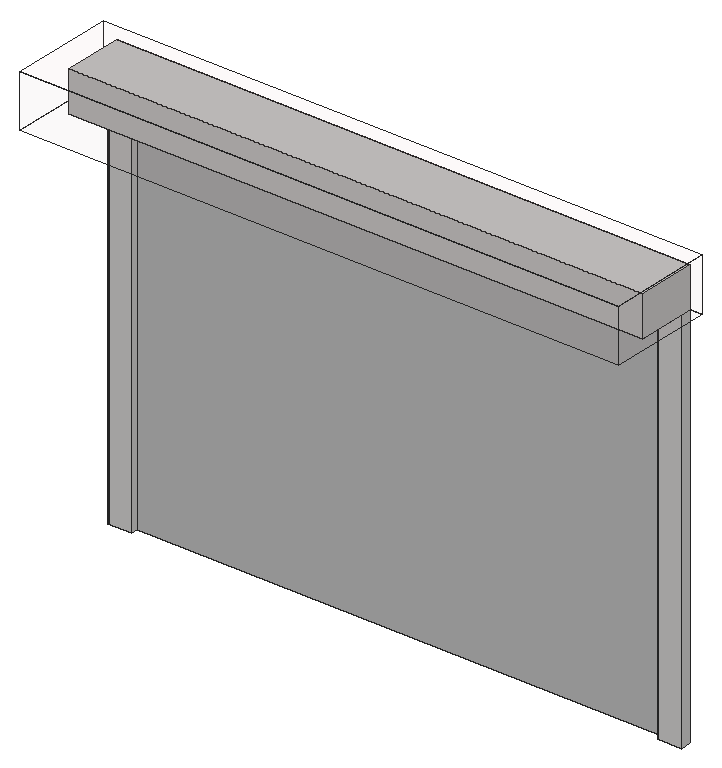
Revit family "HB_Firescreen_Temperature_T", category Doors, host Wall, Revit 2019
Family settings
  Host = Wall
  OmniClass Number = 23.30.10.21.11.11
  OmniClass Title = Rolling Fire Doors
  Always vertical = Yes
  Cut with Voids When Loaded = No
  Shared = No
  Room Calculation Point = No
Parameters (values of type "HB_Firescreen_Temperature_T2_60min")
  Warning_sign = not(Product_dimension_daylight_is_valid)  # no
  Wall_thickness [instance] = 150 mm
  Thickness = Headbox_width  # 455 mm
  SmokeStop = yes
  Side_guide_rail_width = 183 mm + 30 mm  # 213 mm
  Side_guide_rail_depth = 80 mm  # constant formula
  Show_installation_space [instance] = yes
  SelfClosing = yes
  Screen_material = HB_double-walled technical textile, filled with intumescent material Provided
with a silicone-based, smoke-proof grey coating
  Rough Width = Width  # 4000 mm
  Rough Height = Height  # 3000 mm
  Product_dimension_daylight_is_valid = and(not(Clear_height > Clear_height_maximum), and(not(Clear_width > Clear_width_maximum), and(not(Clear_height < Clear_height_minimum), not(Clear_width < Clear_width_minimum))))  # yes
  Product_datasheet_URL = "https://www.hoefnagels.com/media/tixd5vh4/firescreen_temperature_ts_nl-pfst_ts20100841_nl.pdf"
  Position_guide_rail_depth_calc [instance] = if(Firescreen_in_wall_opening, Firescreen_placement, Wall_thickness)  # 150 mm
  Position_guide_rail_calc [instance] = if(Firescreen_in_wall_opening, Side_guide_rail_width, 0 mm)  # 0 mm
  Operation = "ROLLINGUP"  # constant formula
  Model = "Fire-resistant roller curtain, Firescreen ® T2 - EI₁60/EI₂60"
  Manufacturer = "Hoefnagels Fire Safety"  # constant formula
  LoadBearing = no
  IsExternal = no
  Installation_space_length = 350 mm  # constant formula
  Installation_space_height = 100 mm  # constant formula
  IfcExportType = ""
  IfcExportAs = ""
  IfcDoorTypeOperationEnum = Operation  # "ROLLINGUP"
  Headbox_width_calc = if(and(Width > 4000 mm, Height > 2750 mm), 560 mm, if(Height > 3500 mm, 560 mm, 455 mm))  # 455 mm
  Headbox_width = Headbox_width_calc  # 455 mm
  Headbox_start_height [instance] = if(Firescreen_head_in_wall_opening, Height - Headbox_height, Height)  # 3000 mm
  Headbox_material = HB_Sendzimir galvanised sheet steel
  Headbox_height_calc = if(and(Width > 4000 mm, Height > 2750 mm), 360 mm, if(Height > 3500 mm, 360 mm, 310 mm))  # 310 mm
  Headbox_height = Headbox_height_calc  # 310 mm
  HandicapAccessible = yes
  Guid_rail_material = HB_Sendzimir galvanised sheet steel
  Function = Interior
  Height = if(Clear_width < Clear_height_minimum, Clear_height_minimum, if(Clear_height > Clear_height_maximum, Clear_height_maximum, Clear_height))  # 3000 mm
  Wall Closure = By host
  Width = if(Clear_width < Clear_width_minimum, Clear_width_minimum, if(Clear_width > Clear_width_maximum, Clear_width_maximum, Clear_width))  # 4000 mm
  Firescreen_placement [instance] = 0 mm  # constant formula
  Firescreen_in_wall_opening [instance] = 1 = 0  # no
  Firescreen_head_in_wall_opening [instance] = 1 = 0  # no
  FireRating = 60
  FireExit = no
  Fire Resistance = "Tested according to standard EN 13501-2. Fire resistance classes EI130, EI230,\r\nEI160 and EI260."  # constant formula
  Fire Rating = "EI1 60/ EI2 60"
  Filling_belt_thickness = 0 mm  # constant formula
  Dimension_override = if(Product_dimension_daylight_is_valid, "Product size OK", "Product size not available")  # "Product size OK"
  Description = "Firescreen® Temperture T1 / T2 - EI₁30-EI₂30 / EI₁60-EI₂60"  # constant formula
  Content_creator = "FIMBLE"  # constant formula
  Construction Type = "Inside mount and on the wall"  # constant formula
  Clear_width_minimum = 1000 mm  # constant formula
  Clear_width_maximum = if(Clear_height > 3750 mm, 4000 mm, if(Clear_height > 3500 mm, 4250 mm, if(Clear_height > 3250 mm, 4750 mm, 5000 mm)))  # 5000 mm
  Clear_width = 4000 mm
  Clear_height_minimum = 1000 mm  # constant formula
  Clear_height_maximum = if(Clear_width > 4750 mm, 3250 mm, if(Clear_width > 4250 mm, 3500 mm, if(Clear_width > 4000 mm, 3750 mm, 4000 mm)))  # 4000 mm
  Clear_height = 3000 mm
  AcousticRating = "N/A"
Types (3, lengths in mm): name | Model | FireRating | Fire Rating
  (no name) | "Fire-resistant roller curtain, Firescreen ® T2 - EI₁60/EI₂60" | 60 | "EI1 60/ EI2 60"
  HB_Firescreen_Temperature_T1_30min | "Fire-resistant roller curtain, Firescreen® T1 - EI₁30/EI₂30" | 30 | "EI1 30/ EI2 30"
  HB_Firescreen_Temperature_T2_60min | "Fire-resistant roller curtain, Firescreen ® T2 - EI₁60/EI₂60" | 60 | "EI1 60/ EI2 60"
Reference planes
  plane 1: y = 0
  plane 2 "Center (Left/Right)": x = 0
  plane 3 "Left": x = -2000
  plane 4 "Right": x = 2000
  plane 5 "Exterior": y = 75
  plane 6 "Interior": y = -75
  plane 7: z = 3000
  plane 8 "Headbox_exterior side": y = -530
  plane 9 "Headbox_wall": y = -75
  plane 10 "Headbox_top": z = 3310
  plane 11 "Headbox_bottom": z = 3000
  plane 12 "Installation_space_exterior": y = -880
  plane 13 "Guide_rail_left_1": x = -2000
  plane 14 "Guide_rail_left_2": x = -2213
  plane 15 "Guide_rail_right_1": x = 2000
  plane 16 "Guide_rail_right_2": x = 2213
  plane 17 "Guide_rail_exterior": y = -155
  plane 18 "Guide_rail_start": y = -75
  plane 19: y = 825
  plane 20 "Guard": y = -95
  plane 21 "Guide_rail_right_6": x = -2313
  plane 22 "Guide_rail_right_7": x = 2313
Forms (mm)
  Extrusion 1, void
    sketch origin (0, 75, 0) x (1, 0, 0) y (0, 0, 1)
      loop
        line (2000, 3000) -> (-2000, 3000) -> (-2000, 0) -> (2000, 0) -> (2000, 3000)
    from 0 to 150
  Sweep 2, solid, material "HB_Sendzimir galvanised sheet steel" <- "Guid_rail_material"
    path origin (0, -75, 0) x (1, 0, 0) y (0, 0, 1)
      loop
        line (2000, 0) -> (2000, 3000)
    profile "HB_Firescreen_T_guide_rail_profile : HB_Firescreen_T_guide_rail_profile" origin (2000, -75, 1500) x (-1, 0, 0) y (0, -1, 0)
      loop
        line (-211, 2) -> (-188, 2) -> (-188, 57) -> (-48, 57) -> (-48, 33) -> (-32, 33) -> (-32, 78) -> (-211, 78) -> (-211, 2)
      loop
        line (-30, 0) -> (-30, 19.711) -> (-50, 19.711) -> (-50, 17.711) -> (-32, 17.711) -> (-32, 2) -> (-186, 2) -> (-186, 55) -> (-50, 55) -> (-50, 33) -> (-50, 31) -> (-30, 31) -> (-30, 80) -> (-213, 80) -> (-213, 0) -> (-30, 0)
  Sweep 3, solid, material "HB_Sendzimir galvanised sheet steel" <- "Guid_rail_material"
    path origin (0, -75, 0) x (1, 0, 0) y (0, 0, 1)
      loop
        line (-2000, 0) -> (-2000, 3000)
    profile "HB_Firescreen_T_guide_rail_profile : HB_Firescreen_T_guide_rail_profile" origin (-2000, -75, 1500) x (-1, 0, 0) y (0, -1, 0)
      loop
        line (211, 2) -> (211, 78) -> (32, 78) -> (32, 33) -> (48, 33) -> (48, 57) -> (188, 57) -> (188, 2) -> (211, 2)
      loop
        line (30, 0) -> (213, 0) -> (213, 80) -> (30, 80) -> (30, 31) -> (50, 31) -> (50, 33) -> (50, 55) -> (186, 55) -> (186, 2) -> (32, 2) -> (32, 17.711) -> (50, 17.711) -> (50, 19.711) -> (30, 19.711) -> (30, 0)
  Extrusion 4, solid, material "HB_double-walled technical textile, filled with intumescent material Provided
with a silicone-based, smoke-proof grey coating" <- "Screen_material"
    sketch origin (0, 0, 0) x (1, 0, 0) y (0, 1, 0)
      loop
        line (2160, -95) -> (-2160, -95) -> (-2160, -105) -> (2160, -105) -> (2160, -95)
    from 0 to 3000
  Extrusion 5, solid, material "HB_Sendzimir galvanised sheet steel" <- "Headbox_material"
    sketch origin (0, 0, 3000) x (0, 1, 0) y (-1, 0, 0)
      loop
        line (-530, -2213) -> (-75, -2213) -> (-75, 2213) -> (-530, 2213) -> (-530, -2213)
    from 0 to 310
  Extrusion 6, solid, material "HB_installation_space", visible <- "Show_installation_space"
    sketch origin (0, 0, 3000) x (0, 1, 0) y (-1, 0, 0)
      loop
        line (-530, 2213) -> (-75, 2213) -> (-75, 2313) -> (-880, 2313) -> (-880, -2313) -> (-75, -2313) -> (-75, -2213) -> (-530, -2213) -> (-530, 2213)
    from 0 to 310
  Extrusion 7, solid, material "HB_installation_space", visible <- "Show_installation_space"
    sketch origin (0, 0, 3310) x (0, 1, 0) y (-1, 0, 0)
      loop
        line (-880, -2313) -> (-75, -2313) -> (-75, 2313) -> (-880, 2313) -> (-880, -2313)
    from 0 to 100 <- "Installation_space_height"
Cuts and joins
  joined: Extrusion 6, Extrusion 7
Lines and regions (mm)
  symbolic lines, style "DoorsHiddenLines"
    curve 1: line (2213, -75, 0) -> (2213, -530, 0)
    curve 2: line (2213, -530, 0) -> (-2213, -530, 0)
    curve 3: line (-2213, -530, 0) -> (-2213, -75, 0)
    curve 4: line (-2213, -75, 0) -> (2213, -75, 0)
  symbolic lines, style "DoorsHiddenLines", visible <- "Show_installation_space"
    curve 5: line (2313, -880, 0) -> (-2313, -880, 0)
    curve 6: line (2313, -880, 3000) -> (2313, -75, 3000)
    curve 7: line (-2313, -880, 3000) -> (-2313, -75, 3000)
Text (mm)
  text "Exterior" at (-2295.016, 1099.543, 0), in view "Ref. Level"
  text "Exterior" at (0, 1615.38, 3698.081), in view "Left"
  text "Exterior" at (0, 1036.032, 3874.932), in view "Right"
Dimensions and locks
  equal spacing: plane 3 "Left", plane 2 "Center (Left/Right)", plane 4 "Right"
  "Width": plane 3 "Left" to plane 4 "Right"
  locked: plane 5 "Exterior" to host wall at 0
  locked: plane 6 "Interior" to host wall
  "Height": level to plane 7
  "Headbox_width": plane 8 "Headbox_exterior side" to plane 9 "Headbox_wall"
  "Headbox_height": plane 11 "Headbox_bottom" to plane 10 "Headbox_top"
  "Installation_space_length": plane 12 "Installation_space_exterior" to plane 8 "Headbox_exterior side"
  "Side_guide_rail_width": plane 14 "Guide_rail_left_2" to plane 13 "Guide_rail_left_1"
  "Side_guide_rail_width": plane 15 "Guide_rail_right_1" to plane 16 "Guide_rail_right_2"
  "Filling_belt_thickness": plane 18 "Guide_rail_start" to plane 9 "Headbox_wall"
  "Side_guide_rail_depth": plane 17 "Guide_rail_exterior" to plane 18 "Guide_rail_start"
  locked: plane 5 "Exterior" to plane 19 at 750
  "Headbox_start_height": level to plane 11 "Headbox_bottom"
  "Position_guide_rail_calc": plane 3 "Left" to plane 13 "Guide_rail_left_1"
  "Position_guide_rail_calc": plane 15 "Guide_rail_right_1" to plane 4 "Right"
  locked: plane 20 "Guard" to plane 9 "Headbox_wall" at 20
  locked: Extrusion 4 sketch curve to plane 20 "Guard" at 10
  locked: Extrusion 4 sketch curve to plane 13 "Guide_rail_left_1" at 160
  locked: plane 15 "Guide_rail_right_1" to Extrusion 4 sketch curve at 160
  "Position_guide_rail_depth_calc": plane 9 "Headbox_wall" to plane 5 "Exterior"
  "Wall_thickness": host wall to host wall
  "Installation_space_height": plane 16 "Guide_rail_right_2" to plane 22 "Guide_rail_right_7"
  "Installation_space_height": plane 21 "Guide_rail_right_6" to plane 14 "Guide_rail_left_2"
  aligned and locked: host wall to plane 1
  aligned and locked: Extrusion 1 sketch curve to plane 7
  aligned and locked: Extrusion 1 sketch curve to plane 4 "Right"
  aligned and locked: Extrusion 1 sketch curve to level
  aligned and locked: plane 3 "Left" to Extrusion 1 sketch curve
  aligned and locked: plane 6 "Interior" to Extrusion 1
  aligned and locked: plane 2 "Center (Left/Right)" to nested 1
  aligned and locked: plane 19 to nested 1
  aligned and locked: plane 11 "Headbox_bottom" to Sweep 2 sketch curve
  aligned and locked: level to Sweep 2 sketch curve
  aligned and locked: Extrusion 4 to plane 11 "Headbox_bottom"
  aligned and locked: plane 9 "Headbox_wall" to Extrusion 5 sketch curve
  aligned and locked: Extrusion 5 sketch curve to plane 8 "Headbox_exterior side"
  aligned and locked: plane 14 "Guide_rail_left_2" to Extrusion 5 sketch curve
  aligned and locked: plane 16 "Guide_rail_right_2" to Extrusion 5 sketch curve
  aligned and locked: Extrusion 5 to plane 10 "Headbox_top"
  aligned and locked: curve 2 to plane 8 "Headbox_exterior side"
  aligned and locked: plane 16 "Guide_rail_right_2" to curve 1
  aligned and locked: plane 9 "Headbox_wall" to curve 4
  aligned and locked: plane 14 "Guide_rail_left_2" to curve 3
  aligned and locked: plane 8 "Headbox_exterior side" to Extrusion 6 sketch curve
  aligned and locked: Extrusion 6 sketch curve to plane 12 "Installation_space_exterior"
  aligned and locked: Extrusion 6 to plane 10 "Headbox_top"
  aligned and locked: curve 5 to plane 12 "Installation_space_exterior"
  aligned and locked: curve 5 to Extrusion 7 sketch curve
  aligned and locked: plane 9 "Headbox_wall" to Extrusion 7 sketch curve
  aligned and locked: curve 7 to plane 21 "Guide_rail_right_6"
  aligned and locked: plane 9 "Headbox_wall" to curve 7
  aligned and locked: curve 6 to plane 22 "Guide_rail_right_7"
  aligned and locked: plane 9 "Headbox_wall" to curve 6
  aligned and locked: Extrusion 7 sketch curve to plane 21 "Guide_rail_right_6"
  aligned and locked: plane 22 "Guide_rail_right_7" to Extrusion 7 sketch curve
  aligned and locked: Extrusion 6 sketch curve to plane 21 "Guide_rail_right_6"
  aligned and locked: plane 22 "Guide_rail_right_7" to Extrusion 6 sketch curve
  aligned and locked: plane 14 "Guide_rail_left_2" to Extrusion 6 sketch curve
  aligned and locked: Extrusion 6 sketch curve to plane 9 "Headbox_wall"
  aligned and locked: plane 9 "Headbox_wall" to Extrusion 6 sketch curve
  aligned and locked: plane 16 "Guide_rail_right_2" to Extrusion 6 sketch curve
  aligned and locked: Sweep 3 sketch curve to plane 13 "Guide_rail_left_1"
  aligned and locked: plane 11 "Headbox_bottom" to Sweep 3 sketch curve
Automatic sketch dimensions
  plane 15 "Guide_rail_right_1" to Sweep 2 sketch curve = 0 mm
  plane 20 "Guard" to Extrusion 4 sketch curve = 0 mm
  Sweep 3 sketch curve to level = 0 mm
  plane 12 "Installation_space_exterior" to curve 7 = 0 mm
  plane 12 "Installation_space_exterior" to curve 6 = 0 mm
  curve 5 to plane 21 "Guide_rail_right_6" = 0 mm
  curve 5 to plane 22 "Guide_rail_right_7" = 0 mm
Nested families
  nested 1: "HB_SE_warning_dimensions" at (0, 825, 0), visible <- "Warning_sign", type "HB_SE_warning_dimensions"
Definition of nested family "HB_SE_warning_dimensions"
  Parameters (values of type "HB_SE_warning_dimensions")
    Width = 100 mm
    Type Comments = ""
    Model = ""
    Material_1 = none
    Manufacturer = ""
    Height = 600 mm
    Material_2 = none
    Depth = 600 mm
    Assembly Code = ""
  Reference planes
    plane 1 "Center (Front/Back)": y = 0
    plane 2: z = 0
    plane 3 "Center (Left/Right)": x = 0
    plane 4: z = 100
    plane 5 "hartlijn glasvlak horizontaal": z = 50
  Forms (mm)
    Extrusion 1, solid, material <- "Material_1"
      sketch origin (0, 0, 0) x (1, 0, 0) y (0, 1, 0)
        loop
          circle (0, 0) r 600
        loop
          line (0, 450) -> (-150, 450) -> (-50, -200) -> (50, -200) -> (150, 450) -> (0, 450)
        loop
          circle (0, -375) r 100
      from 0 to 80
    Extrusion 2, solid, material <- "Material_2"
      sketch origin (0, 0, 0) x (1, 0, 0) y (0, 1, 0)
        loop
          line (0, 450) -> (-150, 450) -> (-50, -200) -> (50, -200) -> (150, 450) -> (0, 450)
        loop
          circle (0, -375) r 100
      from 0 to 120
  Dimensions and locks
    "Width": plane 4 to plane 2
    equal spacing: plane 4, plane 5 "hartlijn glasvlak horizontaal", plane 2
    aligned and locked: level to plane 2
  Automatic sketch dimensions
    Extrusion 1 sketch curve to plane 3 "Center (Left/Right)" = 50 mm
    Extrusion 1 sketch curve to plane 3 "Center (Left/Right)" = 0 mm  (x3)
    plane 1 "Center (Front/Back)" to Extrusion 1 sketch curve = 0 mm
    Extrusion 1 sketch curve to plane 3 "Center (Left/Right)" = 150 mm
    plane 3 "Center (Left/Right)" to Extrusion 1 sketch curve = 50 mm
    plane 3 "Center (Left/Right)" to Extrusion 1 sketch curve = 150 mm
    plane 1 "Center (Front/Back)" to Extrusion 1 sketch curve = 200 mm
    Extrusion 1 sketch curve to Extrusion 1 sketch curve = 175 mm
    Extrusion 1 sketch curve to plane 1 "Center (Front/Back)" = 450 mm
    Extrusion 2 sketch curve to plane 3 "Center (Left/Right)" = 0 mm  (x2)
    Extrusion 2 sketch curve to plane 3 "Center (Left/Right)" = 50 mm
    Extrusion 2 sketch curve to plane 3 "Center (Left/Right)" = 150 mm
    plane 3 "Center (Left/Right)" to Extrusion 2 sketch curve = 50 mm
    plane 3 "Center (Left/Right)" to Extrusion 2 sketch curve = 150 mm
    plane 1 "Center (Front/Back)" to Extrusion 2 sketch curve = 200 mm
    Extrusion 2 sketch curve to Extrusion 2 sketch curve = 175 mm
    Extrusion 2 sketch curve to plane 1 "Center (Front/Back)" = 450 mm
    radius of Extrusion 1 sketch curve = 600 mm
    radius of Extrusion 1 sketch curve = 100 mm
    radius of Extrusion 2 sketch curve = 100 mm
